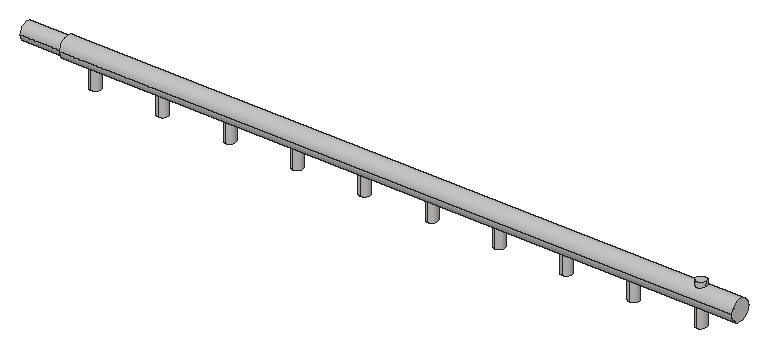
Revit family "BIMLIB_Коллектор_462_10_РОСТерм", category Оборудование, Revit 2017
Family settings
  Размер круглого соединителя = Использовать диаметр
  Тип детали = Нормальный
  На основе рабочей плоскости = Нет
  Всегда вертикально = Да
  При загрузке вырезать с полостями = Нет
  Общий = Нет
  Точка расчета площади = Нет
Parameters (values of type "Коллектор HEIZEN 462 Ду25 на 10 выходов")
  РТ_Шаг = 100 mm
  РТ_l = 100 mm  # constant formula
  РТ_R1 = РТ_R + 5 mm  # 20 mm
  РТ_R = 15 mm
  РТ_R_низ = РТ_DN_низ / 2  # 7.5 mm
  РТ_DN3 = 15 mm  # constant formula
  Описание = "Коллекторы Heizen изготовлены из высококачественной латуни и нержавеющей стали, что исключает риск протечек. Коллекторы могут быть оснащены различными видами арматуры: ручными балансировочными клапанами,ручными запорными клапанами, термостатическими клапанами, расходомерами, воздухоотводчиками и дренажными кранами."
  РТ_DN_низ = 15 mm  # constant formula
  РТ_DN_бок = 25 mm
  Изготовитель = "РОСТерм"  # constant formula
  URL = "http://rostherm.ru/"
  BL_Разработано = "support@bimlib.ru"  # constant formula
  BL_Email = "rostherm@bimlib.ru"  # constant formula
  BL_BIM library = "https://bimlib.pro/manufacturer/rosterm/1632/"
  ADSK_Расход жидкости [instance] = 0.0 L/s
  ADSK_Примечание = ""
  ADSK_Позиция = ""
  ADSK_Обозначение = "ГОСТ 12.2.063-2015"  # constant formula
  ADSK_Наименование краткое = "HEIZEN 462 Ду25"
  ADSK_Наименование = "Коллектор HEIZEN 462 для систем отопения, горячего и холодного водоснабжения сварной Ду25 на 10 выходов"
  ADSK_Материал = BIMLIB_Нержавеющая_сталь_РОСТерм
  ADSK_Масса_Текст = ""
  ADSK_Масса = 0
  ADSK_Марка = "HEIZEN 462"  # constant formula
  ADSK_Код изделия = "462-25-10-10"
  ADSK_Завод-изготовитель = "Heizen"  # constant formula
  ADSK_Единица измерения = "шт."  # constant formula
  ADSK_Версия Revit = "2017"  # constant formula
  ADSK_URL страницы изделия = "http://rostherm.ru/kollektory/"
  ADSK_URL документации изделия = "http://rostherm.ru/"
Types (4, lengths in mm): name | РТ_R1 | РТ_R | РТ_DN_бок | ADSK_Наименование краткое | ADSK_Наименование | ADSK_Код изделия
  Коллектор HEIZEN 462 Ду50 на 10 выходов | 32 | 27 | 50 | "HEIZEN 462 Ду50" | "Коллектор HEIZEN 462 для систем отопения, горячего и холодного водоснабжения сварной Ду50 на 10 выходов" | "462-50-10-10"
  Коллектор HEIZEN 462 Ду40 на 10 выходов | 27 | 22 | 40 | "HEIZEN 462 Ду40" | "Коллектор HEIZEN 462 для систем отопения, горячего и холодного водоснабжения сварной Ду40 на 10 выходов" | "462-40-10-10"
  Коллектор HEIZEN 462 Ду32 на 10 выходов | 23 | 18 | 32 | "HEIZEN 462 Ду32" | "Коллектор HEIZEN 462 для систем отопения, горячего и холодного водоснабжения сварной Ду32 на 10 выходов" | "462-32-10-10"
  Коллектор HEIZEN 462 Ду25 на 10 выходов | 20 | 15 | 25 | "HEIZEN 462 Ду25" | "Коллектор HEIZEN 462 для систем отопения, горячего и холодного водоснабжения сварной Ду25 на 10 выходов" | "462-25-10-10"
Reference planes
  plane 1 "По центру (Вперед/Назад)": y = 0
  plane 2: z = 0
  plane 3 "По центру (Влево/Вправо)": x = 0
  plane 4: x = 100
  plane 5: x = 1185
  plane 6: x = 60
  plane 7: z = 20
Forms (mm)
  Extrusion 1, solid, material "BIMLIB_Нержавеющая_сталь_РОСТерм" <- "ADSK_Материал", detail levels medium+fine
    sketch origin (65, 0, 0) x (0, 1, 0) y (0, 0, 1)
      loop
        circle (0, 0) r 15
    from -5 to 980
  Sweep 2, solid, material "BIMLIB_Нержавеющая_сталь_РОСТерм" <- "ADSK_Материал", detail levels medium+fine
    path origin (65, 0, 7.5) x (1, 0, 0) y (0, 0, 1)
      loop
        line (35, -7.5) -> (35, -47.5)
    profile origin (100, 0, -20) x (0, -1, 0) y (1, 0, 0)
      loop
        circle (0, 0) r 7.5
  Sweep 3, solid, material "BIMLIB_Нержавеющая_сталь_РОСТерм" <- "ADSK_Материал", detail levels medium+fine
    path origin (163.636, 0, 7.5) x (1, 0, 0) y (0, 0, 1)
      loop
        line (35, -7.5) -> (35, -47.5)
    profile origin (198.636, 0, -20) x (0, -1, 0) y (1, 0, 0)
      loop
        circle (0, 0) r 7.5
  Sweep 4, solid, material "BIMLIB_Нержавеющая_сталь_РОСТерм" <- "ADSK_Материал", detail levels medium+fine
    path origin (262.273, 0, 7.5) x (1, 0, 0) y (0, 0, 1)
      loop
        line (35, -7.5) -> (35, -47.5)
    profile origin (297.273, 0, -20) x (0, -1, 0) y (1, 0, 0)
      loop
        circle (0, 0) r 7.5
  Sweep 5, solid, material "BIMLIB_Нержавеющая_сталь_РОСТерм" <- "ADSK_Материал", detail levels medium+fine
    path origin (360.909, 0, 7.5) x (1, 0, 0) y (0, 0, 1)
      loop
        line (35, -7.5) -> (35, -47.5)
    profile origin (395.909, 0, -20) x (0, -1, 0) y (1, 0, 0)
      loop
        circle (0, 0) r 7.5
  Sweep 6, solid, material "BIMLIB_Нержавеющая_сталь_РОСТерм" <- "ADSK_Материал", detail levels medium+fine
    path origin (459.545, 0, 7.5) x (1, 0, 0) y (0, 0, 1)
      loop
        line (35, -7.5) -> (35, -47.5)
    profile origin (494.545, 0, -20) x (0, -1, 0) y (1, 0, 0)
      loop
        circle (0, 0) r 7.5
  Sweep 7, solid, material "BIMLIB_Нержавеющая_сталь_РОСТерм" <- "ADSK_Материал", detail levels medium+fine
    path origin (558.182, 0, 7.5) x (1, 0, 0) y (0, 0, 1)
      loop
        line (35, -7.5) -> (35, -47.5)
    profile origin (593.182, 0, -20) x (0, -1, 0) y (1, 0, 0)
      loop
        circle (0, 0) r 7.5
  Sweep 8, solid, material "BIMLIB_Нержавеющая_сталь_РОСТерм" <- "ADSK_Материал", detail levels medium+fine
    path origin (656.818, 0, 7.5) x (1, 0, 0) y (0, 0, 1)
      loop
        line (35, -7.5) -> (35, -47.5)
    profile origin (691.818, 0, -20) x (0, -1, 0) y (1, 0, 0)
      loop
        circle (0, 0) r 7.5
  Sweep 9, solid, material "BIMLIB_Нержавеющая_сталь_РОСТерм" <- "ADSK_Материал", detail levels medium+fine
    path origin (755.455, 0, 7.5) x (1, 0, 0) y (0, 0, 1)
      loop
        line (35, -7.5) -> (35, -47.5)
    profile origin (790.455, 0, -20) x (0, -1, 0) y (1, 0, 0)
      loop
        circle (0, 0) r 7.5
  Sweep 10, solid, material "BIMLIB_Нержавеющая_сталь_РОСТерм" <- "ADSK_Материал", detail levels medium+fine
    path origin (854.091, 0, 7.5) x (1, 0, 0) y (0, 0, 1)
      loop
        line (35, -7.5) -> (35, -47.5)
    profile origin (889.091, 0, -20) x (0, -1, 0) y (1, 0, 0)
      loop
        circle (0, 0) r 7.5
  Sweep 11, solid, material "BIMLIB_Нержавеющая_сталь_РОСТерм" <- "ADSK_Материал", detail levels medium+fine
    path origin (952.727, 0, 7.5) x (1, 0, 0) y (0, 0, 1)
      loop
        line (35, -7.5) -> (35, -47.5)
    profile origin (987.727, 0, -20) x (0, -1, 0) y (1, 0, 0)
      loop
        circle (0, 0) r 7.5
  Extrusion 12, solid, material "BIMLIB_Нержавеющая_сталь_РОСТерм" <- "ADSK_Материал", detail levels medium+fine
    sketch origin (50, 0, 0) x (0, 1, 0) y (0, 0, 1)
      loop
        circle (0, 0) r 12.5
    from -50 to 10
  Extrusion 13, solid, material "BIMLIB_Нержавеющая_сталь_РОСТерм" <- "ADSK_Материал", detail levels medium+fine
    sketch origin (-197.273, 0, 0) x (1, 0, 0) y (0, 1, 0)
      loop
        circle (1185, 0) r 7.5
    from 0 to 20
Lines and regions (mm)
  model lines, detail levels coarse
    curve 1: line (0, 0, 0) -> (1045, 0, 0)
    curve 2: line (100, 0, 0) -> (100, 0, -40)
    curve 3: line (198.636, 0, 0) -> (198.636, 0, -40)
    curve 4: line (297.273, 0, 0) -> (297.273, 0, -40)
    curve 5: line (395.909, 0, 0) -> (395.909, 0, -40)
    curve 6: line (494.545, 0, 0) -> (494.545, 0, -40)
    curve 7: line (593.182, 0, 0) -> (593.182, 0, -40)
    curve 8: line (691.818, 0, 0) -> (691.818, 0, -40)
    curve 9: line (790.455, 0, 0) -> (790.455, 0, -40)
    curve 10: line (889.091, 0, 0) -> (889.091, 0, -40)
    curve 11: line (987.727, 0, 0) -> (987.727, 0, -40)
Dimensions and locks
  "РТ_l": plane 4 to plane 3 "По центру (Влево/Вправо)"
  Sweep 2 sketch curve to Sweep 2 sketch curve = 40 mm
  Sweep 3 sketch curve to Sweep 3 sketch curve = 40 mm
  Sweep 4 sketch curve to Sweep 4 sketch curve = 40 mm
  Sweep 5 sketch curve to Sweep 5 sketch curve = 40 mm
  Sweep 6 sketch curve to Sweep 6 sketch curve = 40 mm
  Sweep 7 sketch curve to Sweep 7 sketch curve = 40 mm
  Sweep 8 sketch curve to Sweep 8 sketch curve = 40 mm
  Sweep 9 sketch curve to Sweep 9 sketch curve = 40 mm
  Sweep 10 sketch curve to Sweep 10 sketch curve = 40 mm
  Sweep 11 sketch curve to Sweep 11 sketch curve = 40 mm
  locked: plane 4 to plane 6 at 40
  "РТ_R1": plane 7 to level
  "РТ_R": radius of Extrusion 1 sketch curve
  "РТ_R_низ": radius of Sweep 2 sketch curve
  "РТ_R_низ": radius of Sweep 3 sketch curve
  "РТ_R_низ": radius of Sweep 4 sketch curve
  "РТ_R_низ": radius of Sweep 5 sketch curve
  "РТ_R_низ": radius of Sweep 6 sketch curve
  "РТ_R_низ": radius of Sweep 7 sketch curve
  "РТ_R_низ": radius of Sweep 8 sketch curve
  "РТ_R_низ": radius of Sweep 9 sketch curve
  "РТ_R_низ": radius of Sweep 10 sketch curve
  "РТ_R_низ": radius of Sweep 11 sketch curve
  "РТ_DN_бок": diameter of Extrusion 12 sketch curve
  "РТ_DN_низ": diameter of Extrusion 13 sketch curve
  aligned and locked: level to plane 2
  aligned and locked: Extrusion 1 to plane 6
  aligned and locked: Extrusion 12 to plane 3 "По центру (Влево/Вправо)"
  aligned and locked: Extrusion 12 to Extrusion 1
  aligned and locked: plane 7 to Extrusion 13
  aligned and locked: curve 1 to Extrusion 1
Automatic sketch dimensions
  Sweep 2 sketch curve to profile plane = 0 mm
  profile plane to Sweep 2 sketch curve = 0 mm
  Sweep 3 sketch curve to profile plane = 0 mm
  profile plane to Sweep 3 sketch curve = 0 mm
  Sweep 4 sketch curve to profile plane = 0 mm
  profile plane to Sweep 4 sketch curve = 0 mm
  Sweep 5 sketch curve to profile plane = 0 mm
  profile plane to Sweep 5 sketch curve = 0 mm
  Sweep 6 sketch curve to profile plane = 0 mm
  profile plane to Sweep 6 sketch curve = 0 mm
  Sweep 7 sketch curve to profile plane = 0 mm
  profile plane to Sweep 7 sketch curve = 0 mm
  Sweep 8 sketch curve to profile plane = 0 mm
  profile plane to Sweep 8 sketch curve = 0 mm
  Sweep 9 sketch curve to profile plane = 0 mm
  profile plane to Sweep 9 sketch curve = 0 mm
  Sweep 10 sketch curve to profile plane = 0 mm
  profile plane to Sweep 10 sketch curve = 0 mm
  Sweep 11 sketch curve to profile plane = 0 mm
  profile plane to Sweep 11 sketch curve = 0 mm
  Extrusion 1 sketch curve to level = 0 mm
  Extrusion 1 sketch curve to plane 1 "По центру (Вперед/Назад)" = 0 mm
  curve 1 to plane 3 "По центру (Влево/Вправо)" = 0 mm
  curve 2 to plane 4 = 0 mm
  curve 3 to level = 40 mm
  curve 2 to curve 3 = 98.636 mm
  curve 3 to curve 4 = 98.636 mm
  curve 4 to curve 5 = 98.636 mm
  curve 6 to level = 40 mm
  curve 5 to curve 6 = 98.636 mm
  curve 6 to curve 7 = 98.636 mm
  curve 7 to curve 8 = 98.636 mm
  curve 8 to curve 9 = 98.636 mm
  curve 9 to curve 10 = 98.636 mm
  curve 11 to level = 40 mm
  curve 10 to curve 11 = 98.636 mm
  curve 11 to curve 1 = 57.273 mm
  curve 5 to curve 5 = 40 mm
  curve 4 to curve 4 = 40 mm
  curve 7 to curve 7 = 40 mm
  curve 8 to curve 8 = 40 mm
  curve 2 to curve 2 = 40 mm
  curve 9 to curve 9 = 40 mm
  curve 10 to curve 10 = 40 mm
  plane 1 "По центру (Вперед/Назад)" to Extrusion 13 sketch curve = 0 mm
  Extrusion 13 sketch curve to plane 5 = 197.273 mm
  Extrusion 12 sketch curve to level = 0 mm
  Extrusion 12 sketch curve to plane 1 "По центру (Вперед/Назад)" = 0 mm
Connectors
  piping at (100, 0, -40), diameter 15, driven by "РТ_DN_низ", driven by "ADSK_Расход жидкости"
    settings: on Sweep 2, index 3, connector inside diameter 609.6 mm, connector length 0 mm, flow factor 0, pipe flow 0.0 L/s, pressure drop 0.0 Pa, fitting loss kfactor 0, connector angle 0.00°, fixture units 0, engagement length 0 mm, angle of deflection 0.00°, flow configuration 0, flow direction 2, fitting loss method 0, system type 7, joint type 0, gender type 0, connector reference index -1, connector utility 0, adjustable connector no, is connector primary yes, connector description ""
  piping at (198.636, 0, -40), diameter 15, driven by "РТ_DN_низ", driven by "ADSK_Расход жидкости"
    settings: on Sweep 3, index 4, connector inside diameter 609.6 mm, connector length 0 mm, flow factor 0, pipe flow 0.0 L/s, pressure drop 0.0 Pa, fitting loss kfactor 0, connector angle 0.00°, fixture units 0, engagement length 0 mm, angle of deflection 0.00°, flow configuration 0, flow direction 2, fitting loss method 0, system type 7, joint type 0, gender type 0, connector reference index -1, connector utility 0, adjustable connector no, is connector primary no, connector description ""
  piping at (297.273, 0, -40), diameter 15, driven by "РТ_DN_низ", driven by "ADSK_Расход жидкости"
    settings: on Sweep 4, index 5, connector inside diameter 609.6 mm, connector length 0 mm, flow factor 0, pipe flow 0.0 L/s, pressure drop 0.0 Pa, fitting loss kfactor 0, connector angle 0.00°, fixture units 0, engagement length 0 mm, angle of deflection 0.00°, flow configuration 0, flow direction 2, fitting loss method 0, system type 7, joint type 0, gender type 0, connector reference index -1, connector utility 0, adjustable connector no, is connector primary no, connector description ""
  piping at (395.909, 0, -40), diameter 15, driven by "РТ_DN_низ", driven by "ADSK_Расход жидкости"
    settings: on Sweep 5, index 6, connector inside diameter 609.6 mm, connector length 0 mm, flow factor 0, pipe flow 0.0 L/s, pressure drop 0.0 Pa, fitting loss kfactor 0, connector angle 0.00°, fixture units 0, engagement length 0 mm, angle of deflection 0.00°, flow configuration 0, flow direction 2, fitting loss method 0, system type 7, joint type 0, gender type 0, connector reference index -1, connector utility 0, adjustable connector no, is connector primary no, connector description ""
  piping at (494.545, 0, -40), diameter 15, driven by "РТ_DN_низ", driven by "ADSK_Расход жидкости"
    settings: on Sweep 6, index 27, connector inside diameter 609.6 mm, connector length 0 mm, flow factor 0, pipe flow 0.0 L/s, pressure drop 0.0 Pa, fitting loss kfactor 0, connector angle 0.00°, fixture units 0, engagement length 0 mm, angle of deflection 0.00°, flow configuration 0, flow direction 2, fitting loss method 0, system type 7, joint type 0, gender type 0, connector reference index -1, connector utility 0, adjustable connector no, is connector primary no, connector description ""
  piping at (593.182, 0, -40), diameter 15, driven by "РТ_DN_низ", driven by "ADSK_Расход жидкости"
    settings: on Sweep 7, index 29, connector inside diameter 609.6 mm, connector length 0 mm, flow factor 0, pipe flow 0.0 L/s, pressure drop 0.0 Pa, fitting loss kfactor 0, connector angle 0.00°, fixture units 0, engagement length 0 mm, angle of deflection 0.00°, flow configuration 0, flow direction 2, fitting loss method 0, system type 7, joint type 0, gender type 0, connector reference index -1, connector utility 0, adjustable connector no, is connector primary no, connector description ""
  piping at (691.818, 0, -40), diameter 15, driven by "РТ_DN_низ", driven by "ADSK_Расход жидкости"
    settings: on Sweep 8, index 31, connector inside diameter 609.6 mm, connector length 0 mm, flow factor 0, pipe flow 0.0 L/s, pressure drop 0.0 Pa, fitting loss kfactor 0, connector angle 0.00°, fixture units 0, engagement length 0 mm, angle of deflection 0.00°, flow configuration 0, flow direction 2, fitting loss method 0, system type 7, joint type 0, gender type 0, connector reference index -1, connector utility 0, adjustable connector no, is connector primary no, connector description ""
  piping at (790.455, 0, -40), diameter 15, driven by "РТ_DN_низ", driven by "ADSK_Расход жидкости"
    settings: on Sweep 9, index 33, connector inside diameter 609.6 mm, connector length 0 mm, flow factor 0, pipe flow 0.0 L/s, pressure drop 0.0 Pa, fitting loss kfactor 0, connector angle 0.00°, fixture units 0, engagement length 0 mm, angle of deflection 0.00°, flow configuration 0, flow direction 2, fitting loss method 0, system type 7, joint type 0, gender type 0, connector reference index -1, connector utility 0, adjustable connector no, is connector primary no, connector description ""
  piping at (889.091, 0, -40), diameter 15, driven by "РТ_DN_низ", driven by "ADSK_Расход жидкости"
    settings: on Sweep 10, index 35, connector inside diameter 609.6 mm, connector length 0 mm, flow factor 0, pipe flow 0.0 L/s, pressure drop 0.0 Pa, fitting loss kfactor 0, connector angle 0.00°, fixture units 0, engagement length 0 mm, angle of deflection 0.00°, flow configuration 0, flow direction 2, fitting loss method 0, system type 7, joint type 0, gender type 0, connector reference index -1, connector utility 0, adjustable connector no, is connector primary no, connector description ""
  piping at (987.727, 0, -40), diameter 15, driven by "РТ_DN_низ", driven by "ADSK_Расход жидкости"
    settings: on Sweep 11, index 36, connector inside diameter 609.6 mm, connector length 0 mm, flow factor 0, pipe flow 0.0 L/s, pressure drop 0.0 Pa, fitting loss kfactor 0, connector angle 0.00°, fixture units 0, engagement length 0 mm, angle of deflection 0.00°, flow configuration 0, flow direction 2, fitting loss method 0, system type 7, joint type 0, gender type 0, connector reference index -1, connector utility 0, adjustable connector no, is connector primary no, connector description ""
  piping at (0, 0, 0), diameter 25, driven by "РТ_DN_бок", driven by "ADSK_Расход жидкости"
    settings: on Extrusion 12, index 38, connector inside diameter 609.6 mm, connector length 0 mm, flow factor 0, pipe flow 0.0 L/s, pressure drop 0.0 Pa, fitting loss kfactor 0, connector angle 0.00°, fixture units 0, engagement length 0 mm, angle of deflection 0.00°, flow configuration 0, flow direction 1, fitting loss method 0, system type 7, joint type 0, gender type 0, connector reference index -1, connector utility 0, adjustable connector no, is connector primary no, connector description ""
  piping at (987.727, 0, 20), diameter 15, driven by "РТ_DN3", driven by "ADSK_Расход жидкости"
    settings: on Extrusion 13, index 39, connector inside diameter 609.6 mm, connector length 0 mm, flow factor 0, pipe flow 0.0 L/s, pressure drop 0.0 Pa, fitting loss kfactor 0, connector angle 0.00°, fixture units 0, engagement length 0 mm, angle of deflection 0.00°, flow configuration 0, flow direction 0, fitting loss method 0, system type 29, joint type 0, gender type 0, connector reference index -1, connector utility 0, adjustable connector no, is connector primary no, connector description ""
